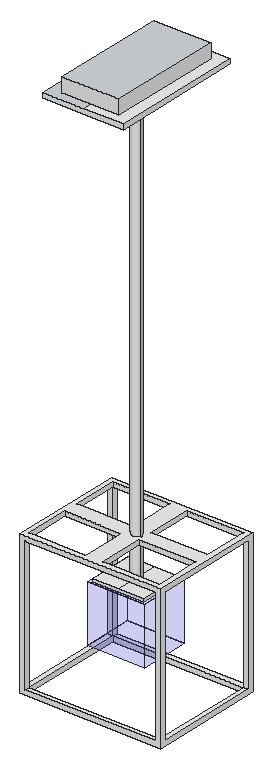
Revit family "Lighting Fixtures - Dazzle Pendant", category Lighting Fixtures, host Ceiling, Revit 2020
Family settings
  Host = Ceiling
  Round Connector Dimension = Use Diameter
  Part Type = Normal
  OmniClass Number = 23.80.70.11
  OmniClass Title = Luminaries for Internal Lighting
  Always vertical = Yes
  Cut with Voids When Loaded = No
  Light Source = Yes
  Shared = No
  Room Calculation Point = No
Parameters
  Width = 0
  Wattage = 12.1178 W
  WarrantyPeriod = 0
  WarrantyGuarantorParts = ""
  WarrantyGuarantorLabor = ""
  WarrantyDurationParts = 0
  WarrantyDurationLabor = 0
  WarrantyDescription = ""
  WarrantyContent = ""
  built-in parameter 1150110 = 1 (stored number, unit not read)
  VisibleLightTransmittance = ""
  built-in parameter 1114217 = 1 (stored number, unit not read)
  built-in parameter 1150109 = 1 (stored number, unit not read)
  built-in parameter 1150134 = (empty or 0)
  built-in parameter 1150113 = 1 (stored number, unit not read)
  Size = ""
  Shape = ""
  ReplacementCost = 0
  Reference = ""
  NominalWidth = 0
  NominalLength = 0
  NominalHeight = 0
  ModelReference = ""
  ModelLabel = ""
  MaterialFrame = ""
  Material = ""
  Lumens = 1800 lm
  built-in parameter 1150115 = 1 (stored number, unit not read)
  built-in parameter 1150105 = 143.24 (stored number, unit not read)
  Light Source Symbol Size = 2' - 0"
  built-in parameter 1150137 = (empty or 0)
  built-in parameter 1150139 = (empty or 0)
  built-in parameter 1150112 = 1 (stored number, unit not read)
  built-in parameter 1150114 = 1 (stored number, unit not read)
  IsExtendedWarranty = 0
  built-in parameter 1150132 = 2
  built-in parameter 1150102 = (empty or 0)
  built-in parameter 1150138 = (empty or 0)
  built-in parameter 1150107 = 3000 (stored number, unit not read)
  built-in parameter 1150106 = 1.4324 (stored number, unit not read)
  Height = 0
  GlobalTradeItemNumber = ""
  Finish = ""
  Features = ""
  ExpectedLife = ""
  built-in parameter 1150104 = 13.8 (stored number, unit not read)
  DurabilityRating = ""
  Dimming Lamp Color Temperature Shift = <None>
  Default Elevation = 0' - 0"
  CreatedBy = ""
  ConstructionMethod = ""
  Color Filter = 16777215
  Color = ""
  CodePerformance = ""
  CoatingFrame = ""
  BatchReference = ""
  BarCode = 0
  built-in parameter 1114218 = 1 (stored number, unit not read)
  built-in parameter 1150133 = 10 (stored number, unit not read)
  AssemblyPlace = ""
  ArticleNumber = ""
  Area = 0
  AccessibilityPerformance = ""
Reference planes (in)
  plane 1 "Light Source Axis (F/B)": y = 0
  plane 2 "Ceiling": z = 96
  plane 3 "Light Source Axis (L/R)": x = 0
  plane 4 "Light Source Elevation": z = 44
Forms (in)
  Extrusion 1, solid
    sketch origin (0, 4.99165, 0) x (1, 0, 0) y (0, 0, 1)
      loop
        line (4.25, 94) -> (4.25, 94.5) -> (0.06338, 94.5) -> (-4.25, 94.5) -> (-4.25, 94) -> (0, 94) -> (4.25, 94)
    from -2.0167 to 12
  Revolve 2, solid
    sketch origin (0, 0, 0) x (1, 0, 0) y (0, 0, 1)
      loop
        line (-1.25, 94) -> (-1.25, 91.35903) -> (0, 91.35903) -> (0, 94) -> (-1.25, 94)
      axis (0, 94) -> (0, 91.35903)
    angle from 0 to 360
  Revolve 3, solid
    sketch origin (0, 0, 0) x (1, 0, 0) y (0, 0, 1)
      loop
        line (-0.5, 91.35903) -> (-0.5, 47.25) -> (0, 47.25) -> (0, 91.35903) -> (-0.5, 91.35903)
      axis (0, 91.35903) -> (0, 47.25)
    angle from 0 to 360
  Extrusion 4, solid
    sketch origin (0, 6, 0) x (1, 0, 0) y (0, 0, 1)
      loop
        line (-3, 94.5) -> (3, 94.5) -> (3, 96) -> (-3, 96) -> (-3, 94.5)
    from 0 to 12
  Extrusion 5, solid
    sketch origin (0, 9.32636, 0.5) x (1, 0, 0) y (0, 0, 1)
      loop
        line (-3, 40.5) -> (3, 40.5) -> (3, 46.5) -> (-3, 46.5) -> (-3, 40.5)
    from 6.65272 to 12
  Extrusion 6, solid
    sketch origin (0, 6, 0) x (1, 0, 0) y (0, 0, 1)
      loop
        line (-7.375, 36.5) -> (7.375, 36.5) -> (7.375, 51.5) -> (-7.375, 51.5) -> (-7.375, 36.5)
      loop
        line (-6.875, 51) -> (-6.875, 37) -> (6.875, 37) -> (6.875, 51) -> (-6.875, 51)
    from 0 to 12
  Extrusion 7, void
    sketch origin (0, 0, 0) x (0, 1, 0) y (0, 0, 1)
      loop
        line (5.5, 37) -> (5.5, 51) -> (-5.5, 51) -> (-5.5, 37) -> (5.5, 37)
    from 6.875 to 7.375
  Extrusion 8, void
    sketch origin (0, 0, 0) x (0, 1, 0) y (0, 0, -1)
      loop
        line (5.5, -37) -> (-5.5, -37) -> (-5.5, -51) -> (5.5, -51) -> (5.5, -37)
    from 6.375 to 7.375
  Extrusion 9, void
    sketch origin (2.375, 6, 51.5) x (0, 1, 0) y (1, 0, 0)
      loop
        line (-11.5, -9.25) -> (-0.5, -9.25) -> (-0.5, 4.5) -> (-11.5, 4.5) -> (-11.5, -9.25)
    from 14.5 to 15
  Extrusion 10, void
    sketch origin (2.375, 6, 51.5) x (0, 1, 0) y (1, 0, 0)
      loop
        line (-0.5, -9.25) -> (-0.5, -3.25) -> (-5.25, -3.25) -> (-5.25, -9.25) -> (-0.5, -9.25)
      loop
        line (-0.5, 4.5) -> (-5.25, 4.5) -> (-5.25, -1.5) -> (-0.5, -1.5) -> (-0.5, 4.5)
      loop
        line (-11.5, 4.5) -> (-11.5, -1.5) -> (-6.75, -1.5) -> (-6.75, 4.5) -> (-11.5, 4.5)
      loop
        line (-11.5, -9.25) -> (-6.75, -9.25) -> (-6.75, -3.25) -> (-11.5, -3.25) -> (-11.5, -9.25)
    from 0 to 0.5
  Extrusion 11, solid
    sketch origin (0, 0, 0) x (1, 0, 0) y (0, 0, 1)
      loop
        line (-2.67164, 47) -> (2.67164, 47) -> (2.67164, 47.25) -> (0, 47.25) -> (-2.67164, 47.25) -> (-2.67164, 47)
    from -2.37095 to 2.33013
Cuts and joins
  Extrusion 7, Extrusion 9 cuts Revolve 3
  Extrusion 7, Extrusion 9, Extrusion 10 cuts Extrusion 5
  Extrusion 7, Extrusion 8, Extrusion 9, Extrusion 10 cuts Extrusion 6
Text (in)
  text "0 Tilt Angle" at (-58.35608, 9.29162, 84), in view "Ref. Level"
  text "180 Tilt Angle" at (25.71096, 9.29162, 84), in view "Ref. Level"
Dimensions and locks (in)
  equal spacing: host sketch curve, plane 3 "Light Source Axis (L/R)", host sketch curve
  equal spacing: host sketch curve, plane 1 "Light Source Axis (F/B)", host sketch curve
  host sketch curve to host sketch curve = 10' - 0"  (x2)
  aligned and locked: plane 3 "Light Source Axis (L/R)" to imposter light
  aligned and locked: plane 1 "Light Source Axis (F/B)" to imposter light
  aligned and locked: plane 4 "Light Source Elevation" to imposter light
